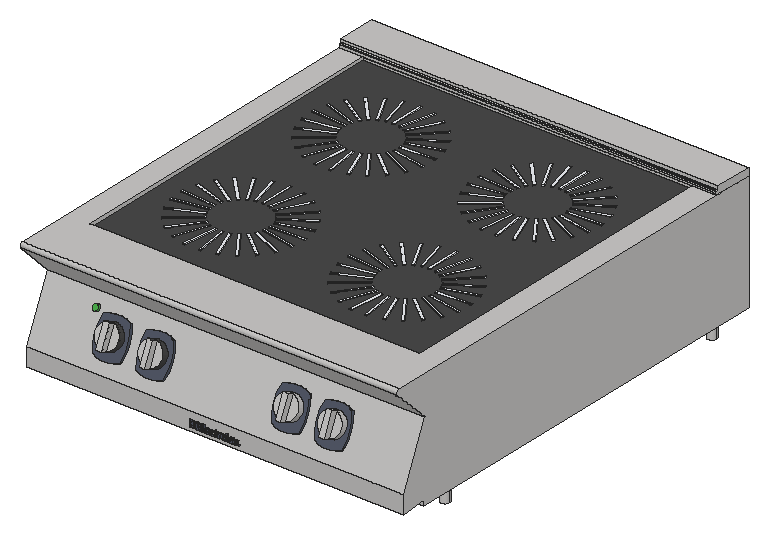
Revit family "QF_ELECTROLUXPROFESSIONAL_391170_E9IREH400N", category Specialty Equipment, Revit 2018
Family settings
  Round Connector Dimension = Use Diameter
  Part Type = Normal
  Work Plane-Based = No
  Always vertical = Yes
  Cut with Voids When Loaded = No
  Shared = No
  Room Calculation Point = No
Parameters
  Width = 800 mm  # constant formula
  Weight in Pounds = 69  # constant formula
  Watts = 0 W
  Volts = 230 V  # constant formula
  URL Cutsheet = "www.electrolux.com/foodservice"
  URL = "www.electrolux.com/foodservice"
  Type Mark [instance] = ""
  Status [instance] = ""
  Specification by User [instance] = ""
  Specification by Manufacturer = ""
  Show Logo [instance] = yes
  Show Clearance [instance] = yes
  Serial Number = ""
  Seismic Rating = ""
  SMACNA No = ""
  Revision Code [instance] = ""
  Phase = 3  # constant formula
  Omniclass Number and Title = ""
  Number of Poles [instance] = 1
  NAFEM Spec ID Number = ""
  Model = "391170"
  Min Ckt Ampacity = 0 A
  Max Overcurrent Protection = 0 A
  Masterspec = ""
  Manufacturer = "ELECTROLUX"
  Item Number [instance] = ""
  Installed By [instance] = ""
  Identify Quantity as Lot [instance] = yes
  Height = 290 mm  # constant formula
  HP = "18.2 HP"
  Furnished By [instance] = ""
  Foodservice Equipment Identifier [instance] = yes
  FL Amps = if(Phase = 3, Watts / (Volts * 1.73), Watts / Volts)  # 0 A
  Electrical Remarks [instance] = "230 V/3 ph/50/60 Hz"  # constant formula
  Electric Connection Type [instance] = ""
  Elec Conn RI Height [instance] = 0 mm
  Elec Conn Connection Height [instance] = 0 mm
  Direct Waste Size = 0"
  Description = "4 ZONE ELECTRIC INFRARED COOKING TOP -230 V"
  Depth = 930 mm  # constant formula
  Cycle = if([60 Hertz Option], 60 Hz, 50 Hz)  # 60 Hz
  Conn Plug = ""
  Conn Conduit = yes
  CSI MasterFormat = ""
  CSI Master Format = ""
  Base Height [instance] = 24 mm  # constant formula
  Apparent Power = if(Phase = 3, Volts * FL Amps * 1.73, Volts * FL Amps)  # 0 VA
  60 Hertz Option = not([50 Hertz Option])  # yes
  50 Hertz Option = no
Reference planes
  plane 1 "BACK": y = 0
  plane 2: z = 0
  plane 3 "LEFT": x = 0
  plane 4 "RIGHT": x = 800
  plane 5 "FRONT": y = -930
  plane 6 "TOP": z = 290
  plane 7 "Center Y": x = 400
  plane 8 "Center X": y = -465
  plane 9 "BASE": z = 24
  plane 10 "TOP A": z = 275
  plane 11: y = -790
  plane 12: y = -82
Forms (mm)
  Extrusion 1, solid, material "QF_Finishes_Stainless Steel"
    sketch origin (0, 0, 0) x (0, 1, 0) y (0, 0, 1)
      loop
        line (0, 275) -> (-925.027, 275)
        arc (-925.027, 275) -> (-930.893, 271.08) -> (-929.517, 264.16) r 6.35
        line (-929.517, 264.16) -> (-857.416, 191.809) -> (-913.522, 69.19) -> (-913.522, 31.09) -> (-860.4, 36.7) -> (-860.4, 24) -> (0, 24) -> (0, 275)
    from 0 to 800
  Extrusion 2, void
    sketch origin (0, 0, 275) x (-1, 0, 0) y (0, -1, 0)
      loop
        line (-50, 85) -> (-50, 810) -> (-750, 810) -> (-750, 85) -> (-50, 85)
    from 0 to -6.35
  Extrusion 3, solid, material "QF_Finishes_Stainless Steel"
    sketch origin (0, 0, 0) x (1, 0, 0) y (0, 1, 0)
      loop
        circle (11.112, -82) r 9.525
      loop
        circle (788.887, -82) r 9.525
    from 0 to 24
  Extrusion 4, solid, material "QF_Finishes_Stainless Steel"
    sketch origin (0, -114.819, 101.788) x (0, 0, -1) y (-1, 0, 0)
      loop
        circle (43.882, -736.5) r 12.7
    from 114.819 to 153.819
  Extrusion 5, solid, material "QF_Clearances", visible <- "Show Clearance", detail levels coarse
    sketch origin (0, 0, 0) x (1, 0, 0) y (0, 1, 0)
      loop
        line (0, -931.377) -> (0, 0) -> (800, 0) -> (800, -931.377) -> (950.019, -931.377) -> (950.019, 150.019) -> (-150.019, 150.019) -> (-150.019, -931.377) -> (0, -931.377)
    from 0 to 290
  Extrusion 6, solid, material "QF_Finishes_Navy Blue", visible <- "Show Logo"
    sketch origin (0, -913.522, 31.09) x (0, 0, 1) y (-1, 0, 0)
      loop
        line (22.074, -354.445) -> (9.707, -354.445)
        arc (9.707, -354.445) -> (15.891, -359.016) -> (22.074, -354.445) r 6.467
      loop
        arc (22.074, -353.816) -> (20.905, -348.673) -> (16.249, -346.195) r 6.338
        line (16.249, -346.195) -> (16.249, -348.241)
        arc (16.249, -348.241) -> (17.733, -351.896) -> (21.178, -353.816) r 5.941
        line (21.178, -353.816) -> (22.074, -353.816)
      loop
        arc (10.603, -353.816) -> (14.048, -351.896) -> (15.532, -348.241) r 5.941
        line (15.532, -348.241) -> (15.532, -346.195)
        arc (15.532, -346.195) -> (10.838, -348.669) -> (9.548, -353.816) r 6.504
        line (9.548, -353.816) -> (10.603, -353.816)
      loop
        line (22.749, -345.726) -> (9.004, -345.726) -> (9.004, -359.489) -> (22.749, -359.489) -> (22.749, -345.726)
      loop
        arc (22.832, -362.456) -> (22.485, -362.099) -> (22.118, -362.436) r 0.358
        arc (22.118, -362.436) -> (21.804, -363.187) -> (21.087, -363.572) r 1.216
        line (21.087, -363.572) -> (10.674, -363.572)
        arc (10.674, -363.572) -> (10.014, -363.294) -> (9.618, -362.698) r 1.238
        arc (9.618, -362.698) -> (9.223, -362.447) -> (8.918, -362.801) r 0.358
        line (8.918, -362.801) -> (8.918, -372.68) -> (11.669, -372.68) -> (11.669, -371.782)
        arc (11.669, -371.782) -> (10.76, -371.203) -> (10.304, -370.225) r 1.928
        line (10.304, -370.225) -> (10.304, -367.726)
        arc (10.304, -367.726) -> (10.58, -366.998) -> (11.268, -366.634) r 1.101
        line (11.268, -366.634) -> (15.355, -366.634) -> (15.355, -370.307)
        arc (15.355, -370.307) -> (15.002, -370.804) -> (14.437, -371.032) r 1.083
        arc (14.437, -371.032) -> (14.173, -371.337) -> (14.465, -371.615) r 0.292
        line (14.465, -371.615) -> (17.428, -371.615)
        arc (17.428, -371.615) -> (17.73, -371.343) -> (17.492, -371.013) r 0.305
        arc (17.492, -371.013) -> (17.001, -370.765) -> (16.696, -370.307) r 1.083
        line (16.696, -370.307) -> (16.696, -366.634) -> (21.373, -366.634) -> (21.373, -370.381)
        arc (21.373, -370.381) -> (21.159, -371.137) -> (20.553, -371.635) r 1.314
        arc (20.553, -371.635) -> (20.334, -372.039) -> (20.688, -372.331) r 0.361
        line (20.688, -372.331) -> (22.832, -372.331) -> (22.832, -362.456)
      loop
        arc (22.115, -373.112) -> (21.735, -374.03) -> (20.816, -374.411) r 1.299
        line (20.816, -374.411) -> (11.237, -374.411)
        arc (11.237, -374.411) -> (10.399, -374.033) -> (10.128, -373.155) r 1.118
        line (10.128, -373.155) -> (8.918, -373.155) -> (8.918, -378.505) -> (10.106, -378.505)
        arc (10.106, -378.505) -> (10.378, -377.588) -> (11.248, -377.191) r 1.153
        line (11.248, -377.191) -> (23.32, -377.191) -> (22.115, -373.112)
      loop
        line (13.883, -381.141) -> (13.883, -387.588) -> (14.682, -387.588)
        arc (14.682, -387.588) -> (17.262, -386.604) -> (18.531, -384.15) r 3.874
        line (18.531, -384.15) -> (18.531, -382.389)
        arc (18.531, -382.389) -> (17.344, -379.525) -> (14.48, -378.338) r 4.051
        line (14.48, -378.338) -> (12.472, -378.338)
        arc (12.472, -378.338) -> (9.653, -379.823) -> (8.602, -382.83) r 4.352
        arc (8.602, -382.83) -> (8.966, -385.294) -> (10.343, -387.368) r 5.713
        line (10.343, -387.368) -> (11.292, -387.368)
        arc (11.292, -387.368) -> (10.56, -385.799) -> (10.343, -384.081) r 5.579
        arc (10.343, -384.081) -> (11.137, -382.118) -> (13.016, -381.141) r 3.057
        line (13.016, -381.141) -> (13.883, -381.141)
      loop
        line (15.142, -381.141) -> (15.142, -384.723)
        arc (15.142, -384.723) -> (16.599, -384.77) -> (17.482, -383.61) r 1.59
        line (17.482, -383.61) -> (17.482, -382.781)
        arc (17.482, -382.781) -> (16.617, -381.525) -> (15.142, -381.141) r 2.184
      loop
        arc (17.933, -397.006) -> (18.422, -395.332) -> (18.579, -393.595) r 9.023
        line (18.579, -393.595) -> (18.579, -392.232)
        arc (18.579, -392.232) -> (17.42, -389.433) -> (14.62, -388.273) r 3.959
        line (14.62, -388.273) -> (12.02, -388.273)
        arc (12.02, -388.273) -> (9.738, -389.566) -> (8.621, -391.939) r 4.331
        line (8.621, -391.939) -> (8.621, -394.074)
        arc (8.621, -394.074) -> (9.129, -395.624) -> (10.051, -396.97) r 5.772
        arc (10.051, -396.97) -> (10.812, -397.02) -> (10.899, -396.262) r 0.553
        arc (10.899, -396.262) -> (10.511, -395.528) -> (10.377, -394.709) r 2.573
        line (10.377, -394.709) -> (10.377, -393.194)
        arc (10.377, -393.194) -> (11.383, -391.552) -> (13.198, -390.91) r 2.884
        line (13.198, -390.91) -> (14.477, -390.91)
        arc (14.477, -390.91) -> (16.298, -391.47) -> (17.224, -393.135) r 2.554
        line (17.224, -393.135) -> (17.224, -394.188)
        arc (17.224, -394.188) -> (16.893, -395.116) -> (16.236, -395.851) r 2.564
        arc (16.236, -395.851) -> (16.014, -396.568) -> (16.623, -397.006) r 0.643
        line (16.623, -397.006) -> (17.933, -397.006)
      loop
        line (16.915, -397.276) -> (16.915, -398.777) -> (10.867, -398.777)
        arc (10.867, -398.777) -> (9.279, -399.435) -> (8.621, -401.023) r 2.246
        line (8.621, -401.023) -> (8.621, -402.606)
        arc (8.621, -402.606) -> (8.935, -403.471) -> (9.435, -404.243) r 4.06
        arc (9.435, -404.243) -> (10.168, -404.376) -> (10.419, -403.675) r 0.576
        arc (10.419, -403.675) -> (10.313, -403.149) -> (10.377, -402.617) r 1.69
        arc (10.377, -402.617) -> (10.919, -401.829) -> (11.825, -401.525) r 1.506
        line (11.825, -401.525) -> (16.963, -401.525) -> (16.963, -403.923) -> (17.519, -404.479) -> (18.341, -404.479) -> (18.341, -401.619) -> (21.572, -401.619) -> (16.915, -397.276)
      loop
        line (8.838, -405.377) -> (8.838, -410.763) -> (9.948, -410.763)
        arc (9.948, -410.763) -> (10.342, -409.812) -> (11.293, -409.418) r 1.345
        line (11.293, -409.418) -> (14.909, -409.418)
        arc (14.909, -409.418) -> (15.674, -410.01) -> (15.964, -410.933) r 1.615
        line (15.964, -410.933) -> (15.964, -412.489) -> (18.519, -413.173) -> (18.519, -411.791) -> (16.577, -409.231) -> (18.457, -409.231) -> (18.173, -406.526)
        arc (18.173, -406.526) -> (17.733, -405.995) -> (17.074, -406.197) r 0.621
        arc (17.074, -406.197) -> (16.674, -406.539) -> (16.18, -406.721) r 1.501
        line (16.18, -406.721) -> (11.293, -406.721)
        arc (11.293, -406.721) -> (10.342, -406.328) -> (9.948, -405.377) r 1.345
        line (9.948, -405.377) -> (8.838, -405.377)
      loop
        line (14.94, -412.711) -> (12.248, -412.711)
        arc (12.248, -412.711) -> (9.803, -414.018) -> (8.669, -416.549) r 4.288
        arc (8.669, -416.549) -> (8.605, -417.929) -> (8.669, -419.31) r 15.022
        arc (8.669, -419.31) -> (9.803, -421.84) -> (12.248, -423.148) r 4.288
        line (12.248, -423.148) -> (14.94, -423.148)
        arc (14.94, -423.148) -> (17.386, -421.84) -> (18.519, -419.31) r 4.288
        arc (18.519, -419.31) -> (18.583, -417.929) -> (18.519, -416.549) r 15.022
        arc (18.519, -416.549) -> (17.386, -414.018) -> (14.94, -412.711) r 4.288
      loop
        line (15.145, -415.825) -> (12.043, -415.825)
        arc (12.043, -415.825) -> (9.886, -417.982) -> (12.043, -420.139) r 2.157
        line (12.043, -420.139) -> (15.145, -420.139)
        arc (15.145, -420.139) -> (17.302, -417.982) -> (15.145, -415.825) r 2.157
      loop
        arc (22.126, -423.006) -> (21.755, -423.9) -> (20.861, -424.271) r 1.264
        line (20.861, -424.271) -> (10.997, -424.271)
        arc (10.997, -424.271) -> (10.127, -423.874) -> (9.855, -422.957) r 1.153
        line (9.855, -422.957) -> (8.918, -422.957) -> (8.918, -428.066) -> (9.846, -428.066)
        arc (9.846, -428.066) -> (10.205, -427.293) -> (10.997, -426.979) r 1.153
        line (10.997, -426.979) -> (23.32, -426.979) -> (22.126, -423.006)
      loop
        arc (17.246, -427.603) -> (17.047, -428.668) -> (16.078, -429.15) r 1.215
        line (16.078, -429.15) -> (11.058, -429.15)
        arc (11.058, -429.15) -> (9.443, -429.797) -> (8.722, -431.38) r 2.338
        line (8.722, -431.38) -> (8.722, -432.894)
        arc (8.722, -432.894) -> (8.897, -433.898) -> (9.399, -434.785) r 2.979
        line (9.399, -434.785) -> (8.918, -436.581) -> (8.918, -438.27) -> (18.343, -438.27) -> (18.049, -434.067) -> (17.263, -434.067)
        arc (17.263, -434.067) -> (16.907, -434.903) -> (16.155, -435.411) r 1.605
        line (16.155, -435.411) -> (11.052, -435.411)
        arc (11.052, -435.411) -> (10.632, -434.475) -> (10.559, -433.451) r 2.94
        arc (10.559, -433.451) -> (11.12, -432.35) -> (12.273, -431.907) r 1.724
        line (12.273, -431.907) -> (18.47, -431.907) -> (17.246, -427.603)
      loop
        line (18.274, -439.123) -> (16.602, -441.17) -> (13.428, -443.476) -> (9.972, -440.363)
        arc (9.972, -440.363) -> (9.735, -439.97) -> (9.757, -439.511) r 0.789
        line (9.757, -439.511) -> (8.918, -439.511) -> (8.918, -443.056) -> (9.744, -443.056)
        arc (9.744, -443.056) -> (10.086, -442.694) -> (10.576, -442.786) r 0.52
        line (10.576, -442.786) -> (12.376, -444.257) -> (10.258, -445.632)
        arc (10.258, -445.632) -> (9.857, -445.322) -> (9.77, -444.823) r 0.7
        line (9.77, -444.823) -> (8.918, -444.823) -> (8.918, -450.75) -> (9.805, -450.75)
        arc (9.805, -450.75) -> (9.872, -450.091) -> (10.266, -449.559) r 1.247
        line (10.266, -449.559) -> (14.466, -446.278) -> (16.913, -448.332) -> (18.274, -450.074) -> (18.274, -446.35) -> (16.789, -446.772) -> (15.268, -445.496) -> (16.968, -444.305) -> (18.274, -445.082) -> (18.274, -439.123)
    from 0 to 1.644
  Extrusion 7, solid, material "QF_Finishes_Navy Blue"
    sketch origin (835.325, -913.522, 69.19) x (0, 0.416078, 0.909329) y (-1, 0, 0)
      loop
        arc (101.077, 704.335) -> (66.2, 711.352) -> (31.333, 704.29) r 89.894
        arc (31.333, 704.29) -> (24.638, 675.76) -> (31.333, 647.229) r 64.14
        arc (31.333, 647.229) -> (66.2, 640.164) -> (101.077, 647.185) r 89.853
        arc (101.077, 647.185) -> (107.792, 675.76) -> (101.077, 704.335) r 64.16
      loop
        arc (101.077, 611.835) -> (66.2, 618.852) -> (31.333, 611.79) r 89.894
        arc (31.333, 611.79) -> (24.638, 583.26) -> (31.333, 554.729) r 64.14
        arc (31.333, 554.729) -> (66.2, 547.664) -> (101.077, 554.685) r 89.853
        arc (101.077, 554.685) -> (107.792, 583.26) -> (101.077, 611.835) r 64.16
      loop
        arc (101.077, 176.315) -> (107.792, 204.89) -> (101.077, 233.465) r 64.16
        arc (101.077, 233.465) -> (66.2, 240.486) -> (31.333, 233.421) r 89.853
        arc (31.333, 233.421) -> (24.638, 204.89) -> (31.333, 176.36) r 64.14
        arc (31.333, 176.36) -> (66.2, 169.298) -> (101.077, 176.315) r 89.894
      loop
        arc (101.077, 267.565) -> (107.792, 296.14) -> (101.077, 324.715) r 64.16
        arc (101.077, 324.715) -> (66.2, 331.736) -> (31.333, 324.671) r 89.853
        arc (31.333, 324.671) -> (24.638, 296.14) -> (31.333, 267.61) r 64.14
        arc (31.333, 267.61) -> (66.2, 260.548) -> (101.077, 267.565) r 89.894
    from 0 to 3.175
  Extrusion 8, solid, material "QF_Finishes_Stainless Steel"
    sketch origin (835.325, -916.409, 70.511) x (0, 0.416078, 0.909329) y (-1, 0, 0)
      loop
        circle (68.826, 584.332) r 25.4
      loop
        circle (68.826, 676.832) r 25.4
      loop
        circle (68.826, 296.318) r 25.4
      loop
        circle (68.826, 203.818) r 25.4
    from 0 to 12.7
  Extrusion 9, solid, material "QF_Finishes_Stainless Steel"
    sketch origin (835.325, -927.958, 75.796) x (0, 0.416078, 0.909329) y (-1, 0, 0)
      loop
        line (93.558, 590.119) -> (44.094, 590.119)
        arc (44.094, 590.119) -> (43.426, 584.332) -> (44.094, 578.546) r 25.4
        line (44.094, 578.546) -> (93.558, 578.546)
        arc (93.558, 578.546) -> (94.226, 584.332) -> (93.558, 590.119) r 25.4
      loop
        line (93.558, 682.619) -> (44.094, 682.619)
        arc (44.094, 682.619) -> (43.426, 676.832) -> (44.094, 671.046) r 25.4
        line (44.094, 671.046) -> (93.558, 671.046)
        arc (93.558, 671.046) -> (94.226, 676.832) -> (93.558, 682.619) r 25.4
      loop
        arc (93.558, 290.531) -> (94.226, 296.318) -> (93.558, 302.104) r 25.4
        line (93.558, 302.104) -> (44.094, 302.104)
        arc (44.094, 302.104) -> (43.426, 296.318) -> (44.094, 290.531) r 25.4
        line (44.094, 290.531) -> (93.558, 290.531)
      loop
        arc (93.558, 198.031) -> (94.226, 203.818) -> (93.558, 209.604) r 25.4
        line (93.558, 209.604) -> (44.094, 209.604)
        arc (44.094, 209.604) -> (43.426, 203.818) -> (44.094, 198.031) r 25.4
        line (44.094, 198.031) -> (93.558, 198.031)
    from 0 to 12.7
  Extrusion 10, solid, material "QF_Finishes_Green"
    sketch origin (510.869, -909.361, 78.284) x (0, 0.416078, 0.909329) y (-1, 0, 0)
      loop
        circle (95.167, 397.721) r 6.35
    from 0 to 3.175
  Extrusion 11, solid, material "QF_Finishes_Stainless Steel"
    sketch origin (0, -192.116, 268.65) x (-1, 0, 0) y (0, -1, 0)
      loop
        circle (-11.112, 597.884) r 9.525
      loop
        circle (-788.887, 597.884) r 9.525
    from -268.65 to -244.65
  Extrusion 12, solid, material "QF_Finishes_Stainless Steel"
    sketch origin (800, 0, 0) x (0, 1, 0) y (0, 0, 1)
      loop
        line (0, 290) -> (-80, 290) -> (-80, 283.447)
        arc (-80, 283.447) -> (-80.635, 281.914) -> (-82.167, 281.279) r 2.167
        line (-82.167, 281.279) -> (-83.733, 281.279)
        arc (-83.733, 281.279) -> (-84.629, 280.908) -> (-85, 280.012) r 1.267
        line (-85, 280.012) -> (-85, 275) -> (0, 275) -> (0, 290)
    from -800 to 0
Cuts and joins
  Extrusion 2 cuts Extrusion 1
Lines and regions (mm)
  symbolic lines, style "QF_Clearances", visible <- "Show Clearance", detail levels coarse
    curve 1: line (-150.019, 150.019, 275) -> (-150.019, -931.377, 275)
    curve 2: line (950.019, 150.019, 275) -> (-150.019, 150.019, 275)
    curve 3: line (950.019, -931.377, 275) -> (950.019, 150.019, 275)
  symbolic lines
    curve 4: line (0, 0, 275) -> (800, 0, 275)
    curve 5: line (0, -930, 275) -> (0, 0, 275)
    curve 6: line (800, 0, 275) -> (800, -930, 275)
    curve 7: line (800, -930, 275) -> (0, -930, 275)
    curve 8: line (726.512, -348.642, 268.65) -> (738.006, -348.642, 268.65)
    curve 9: line (726.512, -380.898, 268.65) -> (726.512, -348.642, 268.65)
    curve 10: line (738.006, -380.898, 268.65) -> (726.512, -380.898, 268.65)
    curve 11: line (738.006, -348.642, 268.65) -> (738.006, -380.898, 268.65)
    curve 12: line (50, -810, 268.65) -> (50, -110, 268.65)
    curve 13: line (50, -110, 268.65) -> (750, -110, 268.65)
    curve 14: line (750, -110, 268.65) -> (750, -810, 268.65)
    curve 15: line (750, -810, 268.65) -> (50, -810, 268.65)
    curve 16: line (0, -85, 268.65) -> (800, -85, 268.65)
    curve 17: line (0, -80, 268.65) -> (800, -80, 268.65)
Dimensions and locks
  equal spacing: plane 3 "LEFT", plane 7 "Center Y", plane 4 "RIGHT"
  "Width": plane 3 "LEFT" to plane 4 "RIGHT"
  equal spacing: plane 5 "FRONT", plane 8 "Center X", plane 1 "BACK"
  "Depth": plane 5 "FRONT" to plane 1 "BACK"
  "Height": plane 6 "TOP" to level
  "Base Height": plane 9 "BASE" to level
  plane 1 "BACK" to plane 5 "FRONT" = 930 mm
  plane 10 "TOP A" to plane 9 "BASE" = 251 mm  (x2)
  Extrusion 1 sketch curve to Extrusion 1 sketch curve to Extrusion 1 sketch curve to Extrusion 1 sketch curve to Extrusion 1 sketch curve to Extrusion 1 sketch curve to Extrusion 1 sketch curve to plane 5 "FRONT" = 2.984 mm locked, 0 mm locked, 53.122 mm locked, 0 mm locked, 11.505 mm locked, 4.49 mm locked, 0.483 mm locked
  locked: plane 5 "FRONT" to Extrusion 2 sketch curve at 120
  plane 1 "BACK" to plane 12 = 82 mm
  locked: plane 12 to plane 11 at 708
  Extrusion 4 to plane 1 "BACK" = 39 mm
  plane 6 "TOP" to level = 290 mm
  plane 9 "BASE" to level = 24 mm
  aligned and locked: level to plane 2
  aligned and locked: plane 4 "RIGHT" to Extrusion 1
  aligned and locked: Extrusion 3 to plane 9 "BASE"
  aligned and locked: plane 6 "TOP" to Extrusion 5
  aligned and locked: curve 15 to cut or joined group of Extrusion 1, Extrusion 2
  aligned and locked: plane 9 "BASE" to Extrusion 11
  aligned and locked: plane 1 "BACK" to Extrusion 4
  aligned and locked: Extrusion 12 to plane 3 "LEFT"
  aligned and locked: plane 4 "RIGHT" to Extrusion 12
  aligned and locked: Extrusion 11 to level
  aligned and locked: plane 11 to Extrusion 11
Automatic sketch dimensions
  Extrusion 1 sketch curve to plane 1 "BACK" = 0 mm
  plane 12 to Extrusion 3 sketch curve = 0 mm  (x2)
  plane 3 "LEFT" to Extrusion 3 sketch curve = 11.112 mm
  Extrusion 3 sketch curve to plane 4 "RIGHT" = 11.113 mm
  plane 1 "BACK" to Extrusion 5 sketch curve = 0 mm
  Extrusion 5 sketch curve to plane 3 "LEFT" = 0 mm
  Extrusion 5 sketch curve to plane 4 "RIGHT" = 0 mm
  Extrusion 5 sketch curve to plane 3 "LEFT" = 150.019 mm
  plane 5 "FRONT" to Extrusion 5 sketch curve = 1.377 mm  (x2)
  plane 4 "RIGHT" to Extrusion 5 sketch curve = 150.019 mm
  Extrusion 5 sketch curve to plane 1 "BACK" = 150.019 mm
  plane 1 "BACK" to curve 4 = 0 mm
  curve 4 to plane 3 "LEFT" = 0 mm
  plane 5 "FRONT" to curve 6 = 0 mm
  plane 4 "RIGHT" to curve 3 = 150.019 mm
  curve 2 to plane 3 "LEFT" = 150.019 mm
  curve 2 to plane 1 "BACK" = 150.019 mm
  plane 5 "FRONT" to curve 1 = 1.377 mm
  plane 5 "FRONT" to curve 3 = 1.377 mm
  Extrusion 1 to Extrusion 10 sketch curve = 29.678 mm
  Extrusion 1 to Extrusion 10 sketch curve = 113.148 mm
  Extrusion 1 sketch curve to plane 10 "TOP A" = 0 mm
  Extrusion 1 sketch curve to plane 9 "BASE" = 0 mm
  plane 9 "BASE" to Extrusion 1 sketch curve = 7.09 mm
  plane 9 "BASE" to Extrusion 1 sketch curve = 12.7 mm
  Extrusion 1 sketch curve to Extrusion 1 sketch curve = 38.1 mm
  Extrusion 1 sketch curve to plane 10 "TOP A" = 83.191 mm
  Extrusion 1 sketch curve to plane 10 "TOP A" = 10.84 mm
  Extrusion 6 sketch curve to Extrusion 1 = 3.561 mm
  Extrusion 6 sketch curve to Extrusion 1 = 8.602 mm
  Extrusion 6 sketch curve to Extrusion 1 = 8.621 mm  (x2)
  Extrusion 6 sketch curve to Extrusion 6 sketch curve = 5.108 mm  (x2)
  Extrusion 6 sketch curve to Extrusion 6 sketch curve = 0 mm  (x27)
  Extrusion 6 sketch curve to Extrusion 1 = 8.722 mm
  Extrusion 6 sketch curve to Extrusion 6 sketch curve = 0.218 mm
  Extrusion 6 sketch curve to Extrusion 6 sketch curve = 0.195 mm
  Extrusion 6 sketch curve to Extrusion 6 sketch curve = 0.249 mm
  Extrusion 6 sketch curve to Extrusion 1 = 8.918 mm
  Extrusion 6 sketch curve to Extrusion 6 sketch curve = 0.087 mm
  Extrusion 6 sketch curve to Extrusion 6 sketch curve = 0.358 mm
  Extrusion 6 sketch curve to Extrusion 6 sketch curve = 0.481 mm
  Extrusion 6 sketch curve to Extrusion 6 sketch curve = 0.597 mm
  Extrusion 6 sketch curve to Extrusion 6 sketch curve = 0.544 mm
  Extrusion 6 sketch curve to Extrusion 6 sketch curve = 0.936 mm
  Extrusion 6 sketch curve to Extrusion 6 sketch curve = 0.594 mm
  Extrusion 6 sketch curve to Extrusion 6 sketch curve = 0.343 mm
  Extrusion 6 sketch curve to Extrusion 6 sketch curve = 0.159 mm
  Extrusion 6 sketch curve to Extrusion 6 sketch curve = 0.826 mm
  Extrusion 6 sketch curve to Extrusion 6 sketch curve = 0.839 mm
  Extrusion 6 sketch curve to Extrusion 6 sketch curve = 0.852 mm
  Extrusion 6 sketch curve to Extrusion 6 sketch curve = 0.887 mm
  Extrusion 6 sketch curve to Extrusion 6 sketch curve = 0.928 mm
  Extrusion 6 sketch curve to Extrusion 6 sketch curve = 0.938 mm
  Extrusion 6 sketch curve to Extrusion 6 sketch curve = 0.444 mm
  Extrusion 6 sketch curve to Extrusion 6 sketch curve = 1.11 mm  (x3)
  Extrusion 6 sketch curve to Extrusion 6 sketch curve = 0.215 mm
  Extrusion 6 sketch curve to Extrusion 6 sketch curve = 1.43 mm
  Extrusion 6 sketch curve to Extrusion 6 sketch curve = 1.188 mm
  Extrusion 6 sketch curve to Extrusion 6 sketch curve = 1.21 mm  (x2)
  Extrusion 6 sketch curve to Extrusion 6 sketch curve = 0.503 mm
  Extrusion 6 sketch curve to Extrusion 6 sketch curve = 0.488 mm
  Extrusion 6 sketch curve to Extrusion 6 sketch curve = 0.462 mm
  Extrusion 6 sketch curve to Extrusion 6 sketch curve = 1.386 mm
  Extrusion 6 sketch curve to Extrusion 6 sketch curve = 1.742 mm  (x2)
  Extrusion 6 sketch curve to Extrusion 6 sketch curve = 0.821 mm
  Extrusion 6 sketch curve to Extrusion 6 sketch curve = 0.497 mm
  Extrusion 6 sketch curve to Extrusion 6 sketch curve = 0.539 mm
  Extrusion 6 sketch curve to Extrusion 6 sketch curve = 0.686 mm
  Extrusion 6 sketch curve to Extrusion 6 sketch curve = 0.408 mm
  Extrusion 6 sketch curve to Extrusion 6 sketch curve = 0.743 mm
  Extrusion 6 sketch curve to Extrusion 6 sketch curve = 1.16 mm
  Extrusion 6 sketch curve to Extrusion 6 sketch curve = 0.329 mm
  Extrusion 6 sketch curve to Extrusion 6 sketch curve = 1.054 mm
  Extrusion 6 sketch curve to Extrusion 6 sketch curve = 1.056 mm
  Extrusion 6 sketch curve to Extrusion 6 sketch curve = 0.129 mm
  Extrusion 6 sketch curve to Extrusion 6 sketch curve = 0.489 mm
  Extrusion 6 sketch curve to Extrusion 6 sketch curve = 0.441 mm
  Extrusion 6 sketch curve to Extrusion 6 sketch curve = 1.151 mm
  Extrusion 6 sketch curve to Extrusion 6 sketch curve = 1.141 mm  (x2)
  Extrusion 6 sketch curve to Extrusion 6 sketch curve = 0.768 mm
  Extrusion 6 sketch curve to Extrusion 6 sketch curve = 1.653 mm
  Extrusion 6 sketch curve to Extrusion 6 sketch curve = 0.499 mm
  Extrusion 6 sketch curve to Extrusion 6 sketch curve = 0.964 mm
  Extrusion 6 sketch curve to Extrusion 6 sketch curve = 0.949 mm
  Extrusion 6 sketch curve to Extrusion 6 sketch curve = 1.345 mm  (x3)
  Extrusion 6 sketch curve to Extrusion 6 sketch curve = 1.101 mm
  Extrusion 6 sketch curve to Extrusion 6 sketch curve = 0.432 mm
  Extrusion 6 sketch curve to Extrusion 6 sketch curve = 1.142 mm
  Extrusion 6 sketch curve to Extrusion 6 sketch curve = 0.959 mm
  Extrusion 6 sketch curve to Extrusion 6 sketch curve = 0.176 mm
  Extrusion 6 sketch curve to Extrusion 6 sketch curve = 0.728 mm
  Extrusion 6 sketch curve to Extrusion 6 sketch curve = 3.375 mm  (x2)
  Extrusion 6 sketch curve to Extrusion 6 sketch curve = 1.905 mm
  Extrusion 6 sketch curve to Extrusion 6 sketch curve = 0.955 mm
  Extrusion 6 sketch curve to Extrusion 6 sketch curve = 1.251 mm
  Extrusion 6 sketch curve to Extrusion 6 sketch curve = 0.572 mm
  Extrusion 6 sketch curve to Extrusion 6 sketch curve = 1.92 mm
  Extrusion 6 sketch curve to Extrusion 6 sketch curve = 1.224 mm
  Extrusion 6 sketch curve to Extrusion 6 sketch curve = 0.745 mm
  Extrusion 6 sketch curve to Extrusion 6 sketch curve = 2.537 mm
  Extrusion 6 sketch curve to Extrusion 6 sketch curve = 0.896 mm  (x3)
  Extrusion 6 sketch curve to Extrusion 6 sketch curve = 0.036 mm
  Extrusion 6 sketch curve to Extrusion 6 sketch curve = 2.607 mm
  Extrusion 6 sketch curve to Extrusion 6 sketch curve = 0.066 mm
  Extrusion 6 sketch curve to Extrusion 6 sketch curve = 0.248 mm
  Extrusion 6 sketch curve to Extrusion 6 sketch curve = 0.449 mm
  Extrusion 6 sketch curve to Extrusion 6 sketch curve = 1.052 mm
  Extrusion 6 sketch curve to Extrusion 6 sketch curve = 1.863 mm
  Extrusion 6 sketch curve to Extrusion 6 sketch curve = 1.31 mm  (x2)
  Extrusion 6 sketch curve to Extrusion 6 sketch curve = 0.901 mm
  Extrusion 6 sketch curve to Extrusion 6 sketch curve = 1.107 mm
  Extrusion 6 sketch curve to Extrusion 6 sketch curve = 2.122 mm
  Extrusion 6 sketch curve to Extrusion 6 sketch curve = 2.101 mm
  Extrusion 6 sketch curve to Extrusion 6 sketch curve = 0.106 mm
  Extrusion 6 sketch curve to Extrusion 6 sketch curve = 0.029 mm
  Extrusion 6 sketch curve to Extrusion 6 sketch curve = 2.09 mm
  Extrusion 6 sketch curve to Extrusion 6 sketch curve = 1.279 mm
  Extrusion 6 sketch curve to Extrusion 6 sketch curve = 2.008 mm
  Extrusion 6 sketch curve to Extrusion 6 sketch curve = 0.738 mm
  Extrusion 6 sketch curve to Extrusion 6 sketch curve = 0.382 mm
  Extrusion 6 sketch curve to Extrusion 6 sketch curve = 0.384 mm
  Extrusion 6 sketch curve to Extrusion 6 sketch curve = 0.002 mm
  Extrusion 6 sketch curve to Extrusion 6 sketch curve = 0.561 mm
  Extrusion 6 sketch curve to Extrusion 6 sketch curve = 0.592 mm
  Extrusion 6 sketch curve to Extrusion 6 sketch curve = 2.692 mm
  Extrusion 6 sketch curve to Extrusion 6 sketch curve = 1.259 mm
  Extrusion 6 sketch curve to Extrusion 6 sketch curve = 0.802 mm
  Extrusion 6 sketch curve to Extrusion 6 sketch curve = 1.024 mm
  Extrusion 6 sketch curve to Extrusion 6 sketch curve = 0.682 mm
  Extrusion 6 sketch curve to Extrusion 6 sketch curve = 5.934 mm
  Extrusion 6 sketch curve to Extrusion 6 sketch curve = 2.186 mm
  Extrusion 6 sketch curve to Extrusion 6 sketch curve = 0.337 mm
  Extrusion 6 sketch curve to Extrusion 6 sketch curve = 0.021 mm
  Extrusion 6 sketch curve to Extrusion 6 sketch curve = 1.005 mm
  Extrusion 6 sketch curve to Extrusion 6 sketch curve = 0.552 mm
  Extrusion 6 sketch curve to Extrusion 6 sketch curve = 0.778 mm
  Extrusion 6 sketch curve to Extrusion 6 sketch curve = 0.063 mm
  Extrusion 6 sketch curve to Extrusion 6 sketch curve = 1.023 mm
  Extrusion 6 sketch curve to Extrusion 6 sketch curve = 3.804 mm
  Extrusion 6 sketch curve to Extrusion 6 sketch curve = 0.486 mm
  Extrusion 6 sketch curve to Extrusion 6 sketch curve = 0.266 mm
  Extrusion 6 sketch curve to Extrusion 6 sketch curve = 1.547 mm
  Extrusion 6 sketch curve to Extrusion 6 sketch curve = 0.717 mm  (x2)
  Extrusion 6 sketch curve to Extrusion 6 sketch curve = 1.667 mm
  Extrusion 6 sketch curve to Extrusion 6 sketch curve = 3.174 mm
  Extrusion 6 sketch curve to Extrusion 6 sketch curve = 0.388 mm
  Extrusion 6 sketch curve to Extrusion 6 sketch curve = 1.342 mm
  Extrusion 6 sketch curve to Extrusion 6 sketch curve = 1.521 mm
  Extrusion 6 sketch curve to Extrusion 6 sketch curve = 0.124 mm
  Extrusion 6 sketch curve to Extrusion 6 sketch curve = 0.291 mm
  Extrusion 6 sketch curve to Extrusion 6 sketch curve = 1.049 mm  (x2)
  Extrusion 6 sketch curve to Extrusion 6 sketch curve = 1.7 mm
  Extrusion 6 sketch curve to Extrusion 6 sketch curve = 0.894 mm
  Extrusion 6 sketch curve to Extrusion 6 sketch curve = 0.989 mm
  Extrusion 6 sketch curve to Extrusion 6 sketch curve = 1.168 mm
  Extrusion 6 sketch curve to Extrusion 6 sketch curve = 1.594 mm
  Extrusion 6 sketch curve to Extrusion 6 sketch curve = 0.731 mm
  Extrusion 6 sketch curve to Extrusion 6 sketch curve = 1.566 mm
  Extrusion 6 sketch curve to Extrusion 6 sketch curve = 0.064 mm
  Extrusion 6 sketch curve to Extrusion 6 sketch curve = 0.556 mm  (x2)
  Extrusion 6 sketch curve to Extrusion 6 sketch curve = 0.48 mm
  Extrusion 6 sketch curve to Extrusion 6 sketch curve = 0.228 mm
  Extrusion 6 sketch curve to Extrusion 6 sketch curve = 1.018 mm
  Extrusion 6 sketch curve to Extrusion 6 sketch curve = 0.787 mm
  Extrusion 6 sketch curve to Extrusion 6 sketch curve = 0.618 mm
  Extrusion 6 sketch curve to Extrusion 6 sketch curve = 1.672 mm
  Extrusion 6 sketch curve to Extrusion 6 sketch curve = 1.361 mm
  Extrusion 6 sketch curve to Extrusion 6 sketch curve = 0.822 mm
  Extrusion 6 sketch curve to Extrusion 6 sketch curve = 0.069 mm
  Extrusion 6 sketch curve to Extrusion 6 sketch curve = 1.88 mm
  Extrusion 6 sketch curve to Extrusion 6 sketch curve = 0.42 mm
  Extrusion 6 sketch curve to Extrusion 6 sketch curve = 0.062 mm
  Extrusion 6 sketch curve to Extrusion 6 sketch curve = 1.355 mm
  Extrusion 6 sketch curve to Extrusion 6 sketch curve = 2.34 mm
  Extrusion 6 sketch curve to Extrusion 6 sketch curve = 0.493 mm
  Extrusion 6 sketch curve to Extrusion 6 sketch curve = 0.136 mm
  Extrusion 6 sketch curve to Extrusion 6 sketch curve = 0.128 mm
  Extrusion 6 sketch curve to Extrusion 6 sketch curve = 3.616 mm
  Extrusion 6 sketch curve to Extrusion 6 sketch curve = 4.207 mm
  Extrusion 6 sketch curve to Extrusion 6 sketch curve = 0.183 mm
  Extrusion 6 sketch curve to Extrusion 6 sketch curve = 0.895 mm
  Extrusion 6 sketch curve to Extrusion 6 sketch curve = 1.314 mm
  Extrusion 6 sketch curve to Extrusion 6 sketch curve = 3.231 mm
  Extrusion 6 sketch curve to Extrusion 6 sketch curve = 1.299 mm
  Extrusion 6 sketch curve to Extrusion 6 sketch curve = 1.214 mm
  Extrusion 6 sketch curve to Extrusion 6 sketch curve = 1.264 mm
  Extrusion 6 sketch curve to Extrusion 6 sketch curve = 0.109 mm
  Extrusion 6 sketch curve to Extrusion 6 sketch curve = 0.357 mm
  Extrusion 6 sketch curve to Extrusion 6 sketch curve = 0.565 mm
  Extrusion 6 sketch curve to Extrusion 6 sketch curve = 2.504 mm
  Extrusion 6 sketch curve to Extrusion 6 sketch curve = 2.459 mm
  Extrusion 1 to Extrusion 6 sketch curve = 349.25 mm
  Extrusion 6 sketch curve to Extrusion 6 sketch curve = 0.208 mm
  Extrusion 6 sketch curve to Extrusion 6 sketch curve = 0.468 mm  (x2)
  Extrusion 6 sketch curve to Extrusion 6 sketch curve = 1.559 mm
  Extrusion 6 sketch curve to Extrusion 6 sketch curve = 0.422 mm  (x2)
  Extrusion 6 sketch curve to Extrusion 6 sketch curve = 0.494 mm
  Extrusion 6 sketch curve to Extrusion 6 sketch curve = 3.927 mm
  Extrusion 6 sketch curve to Extrusion 6 sketch curve = 0.782 mm
  Extrusion 6 sketch curve to Extrusion 6 sketch curve = 1.268 mm
  Extrusion 6 sketch curve to Extrusion 6 sketch curve = 0.671 mm
  Extrusion 6 sketch curve to Extrusion 6 sketch curve = 0.777 mm
  Extrusion 6 sketch curve to Extrusion 6 sketch curve = 0.704 mm
  Extrusion 6 sketch curve to Extrusion 6 sketch curve = 0.781 mm  (x2)
  Extrusion 6 sketch curve to Extrusion 6 sketch curve = 1.634 mm
  Extrusion 6 sketch curve to Extrusion 6 sketch curve = 0.132 mm
  Extrusion 6 sketch curve to Extrusion 6 sketch curve = 3.136 mm
  Extrusion 6 sketch curve to Extrusion 6 sketch curve = 2.422 mm
  Extrusion 6 sketch curve to Extrusion 6 sketch curve = 0.586 mm
  Extrusion 6 sketch curve to Extrusion 6 sketch curve = 2.046 mm  (x2)
  Extrusion 6 sketch curve to Extrusion 6 sketch curve = 1.241 mm
  Extrusion 6 sketch curve to Extrusion 6 sketch curve = 1.689 mm
  Extrusion 6 sketch curve to Extrusion 6 sketch curve = 2.859 mm
  Extrusion 6 sketch curve to Extrusion 6 sketch curve = 0.627 mm
  Extrusion 6 sketch curve to Extrusion 6 sketch curve = 0.863 mm
  Extrusion 6 sketch curve to Extrusion 6 sketch curve = 0.419 mm
  Extrusion 6 sketch curve to Extrusion 6 sketch curve = 1.514 mm
  Extrusion 6 sketch curve to Extrusion 6 sketch curve = 1.019 mm
  Extrusion 6 sketch curve to Extrusion 6 sketch curve = 0.065 mm
  Extrusion 6 sketch curve to Extrusion 6 sketch curve = 1.215 mm
  Extrusion 6 sketch curve to Extrusion 6 sketch curve = 2.708 mm
  Extrusion 6 sketch curve to Extrusion 6 sketch curve = 1.122 mm
  Extrusion 6 sketch curve to Extrusion 6 sketch curve = 1.153 mm
  Extrusion 6 sketch curve to Extrusion 6 sketch curve = 3.009 mm
  Extrusion 6 sketch curve to Extrusion 6 sketch curve = 0.829 mm  (x2)
  Extrusion 6 sketch curve to Extrusion 6 sketch curve = 0.934 mm
  Extrusion 6 sketch curve to Extrusion 6 sketch curve = 3.376 mm
  Extrusion 6 sketch curve to Extrusion 6 sketch curve = 0.222 mm
  Extrusion 6 sketch curve to Extrusion 6 sketch curve = 1.383 mm
  Extrusion 6 sketch curve to Extrusion 6 sketch curve = 1.556 mm
  Extrusion 6 sketch curve to Extrusion 6 sketch curve = 2.559 mm
  Extrusion 6 sketch curve to Extrusion 6 sketch curve = 2.51 mm
  Extrusion 6 sketch curve to Extrusion 6 sketch curve = 0.131 mm
  Extrusion 6 sketch curve to Extrusion 6 sketch curve = 1.717 mm
  Extrusion 6 sketch curve to Extrusion 6 sketch curve = 1.134 mm
  Extrusion 6 sketch curve to Extrusion 6 sketch curve = 0.366 mm
  Extrusion 6 sketch curve to Extrusion 6 sketch curve = 0.094 mm
  Extrusion 6 sketch curve to Extrusion 6 sketch curve = 1.584 mm
  Extrusion 6 sketch curve to Extrusion 6 sketch curve = 1.501 mm
  Extrusion 6 sketch curve to Extrusion 6 sketch curve = 0.27 mm
  Extrusion 6 sketch curve to Extrusion 6 sketch curve = 1.808 mm
  Extrusion 6 sketch curve to Extrusion 6 sketch curve = 0.643 mm
  Extrusion 6 sketch curve to Extrusion 6 sketch curve = 0.916 mm
  Extrusion 6 sketch curve to Extrusion 6 sketch curve = 0.352 mm
  Extrusion 6 sketch curve to Extrusion 6 sketch curve = 0.458 mm
  Extrusion 6 sketch curve to Extrusion 6 sketch curve = 1.282 mm
  Extrusion 6 sketch curve to Extrusion 6 sketch curve = 1.363 mm
  Extrusion 6 sketch curve to Extrusion 6 sketch curve = 0.685 mm
  Extrusion 6 sketch curve to Extrusion 6 sketch curve = 0.905 mm
  Extrusion 6 sketch curve to Extrusion 6 sketch curve = 2.865 mm
  Extrusion 6 sketch curve to Extrusion 6 sketch curve = 0.472 mm
  Extrusion 6 sketch curve to Extrusion 6 sketch curve = 0.101 mm
  Extrusion 6 sketch curve to Extrusion 6 sketch curve = 0.54 mm
  Extrusion 6 sketch curve to Extrusion 6 sketch curve = 0.02 mm
  Extrusion 6 sketch curve to Extrusion 6 sketch curve = 0.582 mm
  Extrusion 6 sketch curve to Extrusion 6 sketch curve = 0.166 mm
  Extrusion 6 sketch curve to Extrusion 6 sketch curve = 0.16 mm
  Extrusion 6 sketch curve to Extrusion 6 sketch curve = 2.781 mm
  Extrusion 6 sketch curve to Extrusion 6 sketch curve = 1.118 mm
  Extrusion 6 sketch curve to Extrusion 6 sketch curve = 0.613 mm
  Extrusion 6 sketch curve to Extrusion 6 sketch curve = 0.361 mm
  Extrusion 6 sketch curve to Extrusion 6 sketch curve = 0.897 mm
  Extrusion 6 sketch curve to Extrusion 6 sketch curve = 0.167 mm
  Extrusion 6 sketch curve to Extrusion 6 sketch curve = 0.292 mm
  Extrusion 6 sketch curve to Extrusion 6 sketch curve = 0.305 mm
  Extrusion 6 sketch curve to Extrusion 6 sketch curve = 1.557 mm
  Extrusion 6 sketch curve to Extrusion 6 sketch curve = 2.499 mm
  Extrusion 6 sketch curve to Extrusion 6 sketch curve = 3.062 mm
  Extrusion 6 sketch curve to Extrusion 6 sketch curve = 2.968 mm
  Extrusion 6 sketch curve to Extrusion 6 sketch curve = 5.044 mm
  Extrusion 6 sketch curve to Extrusion 6 sketch curve = 0.629 mm  (x2)
  Extrusion 6 sketch curve to Extrusion 6 sketch curve = 1.131 mm
  Extrusion 6 sketch curve to Extrusion 6 sketch curve = 0.137 mm
  Extrusion 6 sketch curve to Extrusion 6 sketch curve = 0.027 mm
  Extrusion 6 sketch curve to Extrusion 6 sketch curve = 2.235 mm
  Extrusion 8 sketch curve to Extrusion 8 sketch curve = 0 mm  (x3)
  Extrusion 8 sketch curve to Extrusion 8 sketch curve = 92.5 mm  (x2)
  Extrusion 8 sketch curve to Extrusion 8 sketch curve = 288.015 mm
  Extrusion 9 sketch curve to Extrusion 9 sketch curve = 24.732 mm  (x4)
  Extrusion 9 sketch curve to Extrusion 9 sketch curve = 0 mm  (x4)
  Extrusion 7 sketch curve to Extrusion 1 = 31.333 mm  (x8)
  Extrusion 7 sketch curve to Extrusion 7 sketch curve = 12.3 mm  (x12)
  Extrusion 7 sketch curve to Extrusion 7 sketch curve = 34.925 mm  (x6)
  Extrusion 7 sketch curve to Extrusion 7 sketch curve = 0 mm  (x2)
  Extrusion 7 sketch curve to Extrusion 7 sketch curve = 22.52 mm  (x4)
  Extrusion 1 to Extrusion 7 sketch curve = 115.308 mm
  Extrusion 7 sketch curve to Extrusion 7 sketch curve = 25.683 mm
  Extrusion 7 sketch curve to Extrusion 7 sketch curve = 25.727 mm  (x2)
  Extrusion 7 sketch curve to Extrusion 7 sketch curve = 28.575 mm  (x2)
  Extrusion 7 sketch curve to Extrusion 7 sketch curve = 17.31 mm
  Extrusion 7 sketch curve to Extrusion 7 sketch curve = 34.1 mm
  Extrusion 7 sketch curve to Extrusion 7 sketch curve = 34.189 mm
  Extrusion 7 sketch curve to Extrusion 7 sketch curve = 178.515 mm
  Extrusion 7 sketch curve to Extrusion 7 sketch curve = 25.771 mm
  Extrusion 7 sketch curve to Extrusion 7 sketch curve = 28.531 mm  (x2)
  Extrusion 7 sketch curve to Extrusion 7 sketch curve = 16.06 mm
  Extrusion 7 sketch curve to Extrusion 7 sketch curve = 35.35 mm
  Extrusion 7 sketch curve to Extrusion 7 sketch curve = 35.439 mm
  Extrusion 2 sketch curve to plane 4 "RIGHT" = 50 mm
  plane 3 "LEFT" to Extrusion 2 sketch curve = 50 mm
  plane 12 to Extrusion 2 sketch curve = 3 mm
  curve 4 to plane 4 "RIGHT" = 0 mm
  Extrusion 2 to Extrusion 11 sketch curve = 38.887 mm
  Extrusion 2 to Extrusion 11 sketch curve = 38.888 mm
  Extrusion 11 sketch curve to Extrusion 2 = 20 mm  (x2)
  plane 9 "BASE" to Extrusion 4 sketch curve = 33.906 mm
  Extrusion 4 sketch curve to plane 4 "RIGHT" = 63.5 mm
  Extrusion 12 sketch curve to plane 10 "TOP A" = 0 mm
  Extrusion 12 sketch curve to plane 6 "TOP" = 0 mm
  Extrusion 12 sketch curve to plane 1 "BACK" = 0 mm
  Extrusion 12 sketch curve to plane 12 = 2 mm
  plane 12 to Extrusion 12 sketch curve = 0.167 mm
  Extrusion 12 sketch curve to Extrusion 12 sketch curve = 1.566 mm
  plane 12 to Extrusion 12 sketch curve = 3 mm
  Extrusion 12 sketch curve to Extrusion 12 sketch curve = 5.012 mm
  curve 15 to Extrusion 2 = 0 mm
  curve 12 to Extrusion 2 = 0 mm
  curve 13 to Extrusion 2 = 25 mm
  curve 10 to Extrusion 2 = 11.994 mm
  curve 10 to curve 9 = 11.495 mm
  curve 9 to Extrusion 2 = 263.642 mm
  curve 8 to curve 10 = 32.256 mm
  radius of Extrusion 3 sketch curve = 9.525 mm  (x2)
  radius of Extrusion 4 sketch curve = 12.7 mm
  radius of Extrusion 10 sketch curve = 6.35 mm
  radius of Extrusion 8 sketch curve = 25.4 mm  (x4)
  radius of Extrusion 9 sketch curve to Extrusion 8 = 0 mm  (x8)
  radius of Extrusion 11 sketch curve = 9.525 mm  (x2)
Nested families
  nested 1: "INDUCTION BURNER" at (92.726, -148.911, 268.65), type "INDUCTION BURNER"
    with Type Mark "", Status "", Specification by User "", Revision Code "", Item Number "", Installed By "", Identify Quantity as Lot yes, Furnished By "", Foodservice Equipment Identifier yes
  nested 2: "INDUCTION BURNER" at (92.726, -494.622, 268.65), type "INDUCTION BURNER"
    with Type Mark "", Status "", Specification by User "", Revision Code "", Item Number "", Installed By "", Identify Quantity as Lot yes, Furnished By "", Foodservice Equipment Identifier yes
  nested 3: "INDUCTION BURNER" at (445.576, -148.911, 268.65), type "INDUCTION BURNER"
    with Type Mark "", Status "", Specification by User "", Revision Code "", Item Number "", Installed By "", Identify Quantity as Lot yes, Furnished By "", Foodservice Equipment Identifier yes
  nested 4: "INDUCTION BURNER" at (445.576, -494.622, 268.65), type "INDUCTION BURNER"
    with Type Mark "", Status "", Specification by User "", Revision Code "", Item Number "", Installed By "", Identify Quantity as Lot yes, Furnished By "", Foodservice Equipment Identifier yes
Connectors
  electrical at (736.5, 39, 57.906), driven by "Volts", driven by "Watts"
    settings: on Extrusion 4, index 1, voltage 230 V, apparent load 0 VA, apparent load phase1 0 VA, apparent load phase2 0 VA, apparent load phase3 0 VA, power factor 1, load classification "Other", number of poles 1, system type 30, power factor state 1, is connector primary yes, connector utility no, sub classification motor no, connector description "ELECTRICAL CONNECTION"
Definition of nested family "INDUCTION BURNER"
  Parameters
    Weight in Pounds = 0
    URL Cutsheet = ""
    Type Mark [instance] = ""
    Status [instance] = ""
    Specification by User [instance] = ""
    Specification by Manufacturer = ""
    Serial Number = ""
    Seismic Rating = ""
    SMACNA No = ""
    Revision Code [instance] = ""
    Omniclass Number and Title = ""
    NAFEM Spec ID Number = ""
    Masterspec = ""
    Item Number [instance] = ""
    Installed By [instance] = ""
    Identify Quantity as Lot [instance] = yes
    Furnished By [instance] = ""
    Foodservice Equipment Identifier [instance] = yes
    CSI MasterFormat = ""
    CSI Master Format = ""
    Assembly Code = ""
  Reference planes
    plane 1 "BACK": y = 0
    plane 2: z = 0
    plane 3 "LEFT": x = 0
    plane 4 "RIGHT": x = 263
    plane 5 "FRONT": y = -263
    plane 6 "TOP": z = 0.794
    plane 7 "Center Y": x = 131.5
    plane 8 "Center X": y = -131.5
  Forms (mm)
    Extrusion 1, solid
      sketch origin (0, 0, 0) x (1, 0, 0) y (0, 1, 0)
        loop
          line (134, -73.314) -> (134, 0) -> (129, 0) -> (129, -73.314) -> (134, -73.314)
        loop
          line (119.451, -74.521) -> (101.219, -3.51) -> (96.376, -4.753) -> (114.608, -75.764) -> (119.451, -74.521)
        loop
          line (105.66, -79.307) -> (70.34, -15.061) -> (65.959, -17.47) -> (101.278, -81.716) -> (105.66, -79.307)
        loop
          line (93.492, -87.373) -> (43.304, -33.929) -> (39.66, -37.352) -> (89.847, -90.796) -> (93.492, -87.373)
        loop
          line (83.712, -98.212) -> (21.81, -58.928) -> (19.131, -63.15) -> (81.033, -102.433) -> (83.712, -98.212)
        loop
          line (5.664, -93.242) -> (75.39, -115.897) -> (76.935, -111.142) -> (7.209, -88.487) -> (5.664, -93.242)
        loop
          line (73.586, -125.351) -> (0.416, -120.748) -> (0.103, -125.738) -> (73.272, -130.342) -> (73.586, -125.351)
        loop
          line (73.876, -139.947) -> (1.861, -153.685) -> (2.798, -158.596) -> (74.813, -144.859) -> (73.876, -139.947)
        loop
          line (77.788, -154.012) -> (11.451, -185.228) -> (13.58, -189.752) -> (79.916, -158.536) -> (77.788, -154.012)
        loop
          line (85.074, -166.663) -> (28.584, -213.395) -> (31.771, -217.248) -> (88.261, -170.515) -> (85.074, -166.663)
        loop
          line (95.277, -177.104) -> (52.184, -236.416) -> (56.229, -239.355) -> (99.322, -180.043) -> (95.277, -177.104)
        loop
          line (107.756, -184.679) -> (80.767, -252.845) -> (85.416, -254.686) -> (112.405, -186.52) -> (107.756, -184.679)
        loop
          line (121.727, -188.914) -> (112.538, -261.65) -> (117.499, -262.276) -> (126.688, -189.54) -> (121.727, -188.914)
        loop
          line (143.549, -74.521) -> (148.392, -75.764) -> (166.624, -4.753) -> (161.781, -3.51) -> (143.549, -74.521)
        loop
          line (157.34, -79.307) -> (161.722, -81.716) -> (197.041, -17.47) -> (192.66, -15.061) -> (157.34, -79.307)
        loop
          line (169.508, -87.373) -> (173.153, -90.796) -> (223.34, -37.352) -> (219.696, -33.929) -> (169.508, -87.373)
        loop
          line (179.288, -98.212) -> (181.967, -102.433) -> (243.869, -63.15) -> (241.19, -58.928) -> (179.288, -98.212)
        loop
          line (257.336, -93.242) -> (255.791, -88.487) -> (186.065, -111.142) -> (187.61, -115.897) -> (257.336, -93.242)
        loop
          line (189.414, -125.351) -> (189.728, -130.342) -> (262.897, -125.738) -> (262.584, -120.748) -> (189.414, -125.351)
        loop
          line (189.124, -139.947) -> (188.187, -144.859) -> (260.202, -158.596) -> (261.139, -153.685) -> (189.124, -139.947)
        loop
          line (185.212, -154.012) -> (183.084, -158.536) -> (249.42, -189.752) -> (251.549, -185.228) -> (185.212, -154.012)
        loop
          line (177.926, -166.663) -> (174.739, -170.515) -> (231.229, -217.248) -> (234.416, -213.395) -> (177.926, -166.663)
        loop
          line (167.723, -177.104) -> (163.678, -180.043) -> (206.771, -239.355) -> (210.816, -236.416) -> (167.723, -177.104)
        loop
          line (155.244, -184.679) -> (150.595, -186.52) -> (177.584, -254.686) -> (182.233, -252.845) -> (155.244, -184.679)
        loop
          line (141.273, -188.914) -> (136.312, -189.54) -> (145.501, -262.276) -> (150.462, -261.65) -> (141.273, -188.914)
      from 0 to 0.8
  Lines and regions (mm)
    symbolic lines
      curve 1: line (134, -73.314, 0) -> (134, 0, 0)
      curve 2: line (134, 0, 0) -> (129, 0, 0)
      curve 3: line (129, 0, 0) -> (129, -73.314, 0)
      curve 4: line (129, -73.314, 0) -> (134, -73.314, 0)
      curve 5: line (148.392, -75.764, 0) -> (166.624, -4.753, 0)
      curve 6: line (166.624, -4.753, 0) -> (161.781, -3.51, 0)
      curve 7: line (161.781, -3.51, 0) -> (143.549, -74.521, 0)
      curve 8: line (143.549, -74.521, 0) -> (148.392, -75.764, 0)
      curve 9: line (119.451, -74.521, 0) -> (101.219, -3.51, 0)
      curve 10: line (101.219, -3.51, 0) -> (96.376, -4.753, 0)
      curve 11: line (96.376, -4.753, 0) -> (114.608, -75.764, 0)
      curve 12: line (114.608, -75.764, 0) -> (119.451, -74.521, 0)
      curve 13: line (105.66, -79.307, 0) -> (70.34, -15.061, 0)
      curve 14: line (70.34, -15.061, 0) -> (65.959, -17.47, 0)
      curve 15: line (65.959, -17.47, 0) -> (101.278, -81.716, 0)
      curve 16: line (101.278, -81.716, 0) -> (105.66, -79.307, 0)
      curve 17: line (93.492, -87.373, 0) -> (43.304, -33.929, 0)
      curve 18: line (43.304, -33.929, 0) -> (39.66, -37.352, 0)
      curve 19: line (39.66, -37.352, 0) -> (89.847, -90.796, 0)
      curve 20: line (89.847, -90.796, 0) -> (93.492, -87.373, 0)
      curve 21: line (83.712, -98.212, 0) -> (21.81, -58.928, 0)
      curve 22: line (21.81, -58.928, 0) -> (19.131, -63.15, 0)
      curve 23: line (19.131, -63.15, 0) -> (81.033, -102.433, 0)
      curve 24: line (81.033, -102.433, 0) -> (83.712, -98.212, 0)
      curve 25: line (76.935, -111.142, 0) -> (7.209, -88.487, 0)
      curve 26: line (7.209, -88.487, 0) -> (5.664, -93.242, 0)
      curve 27: line (5.664, -93.242, 0) -> (75.39, -115.897, 0)
      curve 28: line (75.39, -115.897, 0) -> (76.935, -111.142, 0)
      curve 29: line (73.586, -125.351, 0) -> (0.416, -120.748, 0)
      curve 30: line (0.416, -120.748, 0) -> (0.103, -125.738, 0)
      curve 31: line (0.103, -125.738, 0) -> (73.272, -130.342, 0)
      curve 32: line (73.272, -130.342, 0) -> (73.586, -125.351, 0)
      curve 33: line (73.876, -139.947, 0) -> (1.861, -153.685, 0)
      curve 34: line (1.861, -153.685, 0) -> (2.798, -158.596, 0)
      curve 35: line (2.798, -158.596, 0) -> (74.813, -144.859, 0)
      curve 36: line (74.813, -144.859, 0) -> (73.876, -139.947, 0)
      curve 37: line (77.788, -154.012, 0) -> (11.451, -185.228, 0)
      curve 38: line (11.451, -185.228, 0) -> (13.58, -189.752, 0)
      curve 39: line (13.58, -189.752, 0) -> (79.916, -158.536, 0)
      curve 40: line (79.916, -158.536, 0) -> (77.788, -154.012, 0)
      curve 41: line (85.074, -166.663, 0) -> (28.584, -213.395, 0)
      curve 42: line (28.584, -213.395, 0) -> (31.771, -217.248, 0)
      curve 43: line (31.771, -217.248, 0) -> (88.261, -170.515, 0)
      curve 44: line (88.261, -170.515, 0) -> (85.074, -166.663, 0)
      curve 45: line (95.277, -177.104, 0) -> (52.184, -236.416, 0)
      curve 46: line (52.184, -236.416, 0) -> (56.229, -239.355, 0)
      curve 47: line (56.229, -239.355, 0) -> (99.322, -180.043, 0)
      curve 48: line (99.322, -180.043, 0) -> (95.277, -177.104, 0)
      curve 49: line (107.756, -184.679, 0) -> (80.767, -252.845, 0)
      curve 50: line (80.767, -252.845, 0) -> (85.416, -254.686, 0)
      curve 51: line (85.416, -254.686, 0) -> (112.405, -186.52, 0)
      curve 52: line (112.405, -186.52, 0) -> (107.756, -184.679, 0)
      curve 53: line (121.727, -188.914, 0) -> (112.538, -261.65, 0)
      curve 54: line (112.538, -261.65, 0) -> (117.499, -262.276, 0)
      curve 55: line (117.499, -262.276, 0) -> (126.688, -189.54, 0)
      curve 56: line (126.688, -189.54, 0) -> (121.727, -188.914, 0)
      curve 57: line (136.312, -189.54, 0) -> (145.501, -262.276, 0)
      curve 58: line (145.501, -262.276, 0) -> (150.462, -261.65, 0)
      curve 59: line (150.462, -261.65, 0) -> (141.273, -188.914, 0)
      curve 60: line (141.273, -188.914, 0) -> (136.312, -189.54, 0)
      curve 61: line (150.595, -186.52, 0) -> (177.584, -254.686, 0)
      curve 62: line (177.584, -254.686, 0) -> (182.233, -252.845, 0)
      curve 63: line (182.233, -252.845, 0) -> (155.244, -184.679, 0)
      curve 64: line (155.244, -184.679, 0) -> (150.595, -186.52, 0)
      curve 65: line (163.678, -180.043, 0) -> (206.771, -239.355, 0)
      curve 66: line (206.771, -239.355, 0) -> (210.816, -236.416, 0)
      curve 67: line (210.816, -236.416, 0) -> (167.723, -177.104, 0)
      curve 68: line (167.723, -177.104, 0) -> (163.678, -180.043, 0)
      curve 69: line (174.739, -170.515, 0) -> (231.229, -217.248, 0)
      curve 70: line (231.229, -217.248, 0) -> (234.416, -213.395, 0)
      curve 71: line (234.416, -213.395, 0) -> (177.926, -166.663, 0)
      curve 72: line (177.926, -166.663, 0) -> (174.739, -170.515, 0)
      curve 73: line (183.084, -158.536, 0) -> (249.42, -189.752, 0)
      curve 74: line (249.42, -189.752, 0) -> (251.549, -185.228, 0)
      curve 75: line (251.549, -185.228, 0) -> (185.212, -154.012, 0)
      curve 76: line (185.212, -154.012, 0) -> (183.084, -158.536, 0)
      curve 77: line (188.187, -144.859, 0) -> (260.202, -158.596, 0)
      curve 78: line (260.202, -158.596, 0) -> (261.139, -153.685, 0)
      curve 79: line (261.139, -153.685, 0) -> (189.124, -139.947, 0)
      curve 80: line (189.124, -139.947, 0) -> (188.187, -144.859, 0)
      curve 81: line (189.728, -130.342, 0) -> (262.897, -125.738, 0)
      curve 82: line (262.897, -125.738, 0) -> (262.584, -120.748, 0)
      curve 83: line (262.584, -120.748, 0) -> (189.414, -125.351, 0)
      curve 84: line (189.414, -125.351, 0) -> (189.728, -130.342, 0)
      curve 85: line (187.61, -115.897, 0) -> (257.336, -93.242, 0)
      curve 86: line (257.336, -93.242, 0) -> (255.791, -88.487, 0)
      curve 87: line (255.791, -88.487, 0) -> (186.065, -111.142, 0)
      curve 88: line (186.065, -111.142, 0) -> (187.61, -115.897, 0)
      curve 89: line (181.967, -102.433, 0) -> (243.869, -63.15, 0)
      curve 90: line (243.869, -63.15, 0) -> (241.19, -58.928, 0)
      curve 91: line (241.19, -58.928, 0) -> (179.288, -98.212, 0)
      curve 92: line (179.288, -98.212, 0) -> (181.967, -102.433, 0)
      curve 93: line (173.153, -90.796, 0) -> (223.34, -37.352, 0)
      curve 94: line (223.34, -37.352, 0) -> (219.696, -33.929, 0)
      curve 95: line (219.696, -33.929, 0) -> (169.508, -87.373, 0)
      curve 96: line (169.508, -87.373, 0) -> (173.153, -90.796, 0)
      curve 97: line (161.722, -81.716, 0) -> (197.041, -17.47, 0)
      curve 98: line (197.041, -17.47, 0) -> (192.66, -15.061, 0)
      curve 99: line (192.66, -15.061, 0) -> (157.34, -79.307, 0)
      curve 100: line (157.34, -79.307, 0) -> (161.722, -81.716, 0)
  Dimensions and locks
    equal spacing: plane 3 "LEFT", plane 7 "Center Y", plane 4 "RIGHT"
    plane 3 "LEFT" to plane 4 "RIGHT" = 263 mm
    equal spacing: plane 5 "FRONT", plane 8 "Center X", plane 1 "BACK"
    plane 5 "FRONT" to plane 1 "BACK" = 263 mm
    plane 6 "TOP" to level = 0.794 mm
    aligned and locked: level to plane 2
  Automatic sketch dimensions
    plane 1 "BACK" to curve 1 = 0 mm
    plane 3 "LEFT" to curve 31 = 0.103 mm
    plane 3 "LEFT" to curve 33 = 1.861 mm
    plane 3 "LEFT" to curve 26 = 5.664 mm
    plane 3 "LEFT" to curve 38 = 11.451 mm
    curve 37 to curve 39 = 2.129 mm
    plane 3 "LEFT" to curve 22 = 19.131 mm
    curve 38 to curve 42 = 15.004 mm
    curve 21 to curve 18 = 17.849 mm
    plane 1 "BACK" to curve 14 = 15.061 mm
    curve 14 to curve 14 = 4.382 mm
    plane 8 "Center X" to curve 32 = 1.158 mm
    curve 32 to curve 29 = 0.314 mm
    curve 31 to curve 36 = 0.604 mm
    curve 33 to plane 8 "Center X" = 8.447 mm
    curve 33 to curve 35 = 0.937 mm
    curve 29 to curve 28 = 1.803 mm
    plane 8 "Center X" to curve 27 = 15.603 mm
    curve 27 to curve 25 = 1.545 mm
    curve 36 to curve 40 = 2.974 mm
    curve 37 to plane 8 "Center X" = 22.512 mm
    curve 25 to curve 23 = 4.098 mm
    curve 23 to curve 21 = 2.679 mm
    curve 39 to curve 41 = 5.157 mm
    curve 49 to curve 51 = 4.649 mm
    curve 50 to plane 5 "FRONT" = 8.314 mm
    curve 41 to curve 44 = 3.187 mm
    curve 21 to curve 19 = 6.135 mm
    curve 19 to curve 17 = 3.645 mm
    curve 43 to curve 45 = 7.016 mm
    curve 45 to curve 47 = 4.045 mm
    curve 10 to curve 9 = 4.843 mm
    plane 1 "BACK" to curve 10 = 3.51 mm
    curve 17 to curve 16 = 7.786 mm
    curve 47 to curve 49 = 8.434 mm
    curve 13 to curve 11 = 8.949 mm
    curve 54 to plane 5 "FRONT" = 0.724 mm
    curve 53 to curve 54 = 4.961 mm
    curve 56 to plane 7 "Center Y" = 4.812 mm
    curve 2 to plane 7 "Center Y" = 2.5 mm
    plane 7 "Center Y" to curve 1 = 2.5 mm
    plane 7 "Center Y" to curve 57 = 4.812 mm
    plane 7 "Center Y" to curve 58 = 14.001 mm
    curve 57 to plane 5 "FRONT" = 0.724 mm
    curve 58 to curve 58 = 4.961 mm
    curve 59 to curve 64 = 9.322 mm
    curve 61 to curve 64 = 4.649 mm
    curve 5 to curve 100 = 8.949 mm
    plane 1 "BACK" to curve 6 = 3.51 mm
    curve 63 to curve 65 = 8.434 mm
    curve 6 to curve 6 = 4.843 mm
